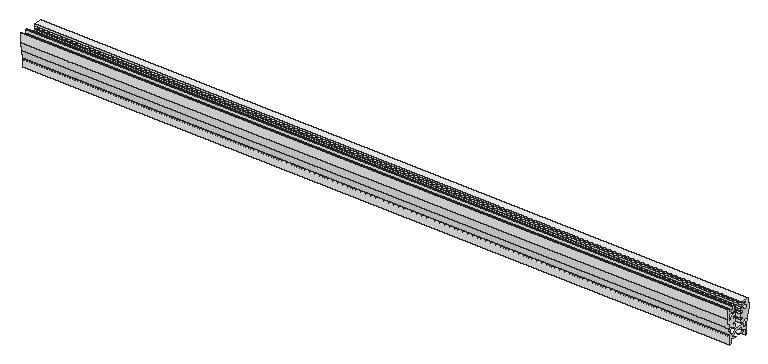
Revit family "2025500 Feilo Sylvania Lighting Fixtures LS3 (NEW) 1M TRACK BLACK C", category Lighting Fixtures, host Face, Revit 2017
Family settings
  Host = Face
  Round Connector Dimension = Use Diameter
  Part Type = Normal
  OmniClass Number = 23.80.70.00
  OmniClass Title = Lighting
  Cut with Voids When Loaded = No
  Light Source = No
  Shared = No
  Room Calculation Point = No
Parameters (values of type "2025500 LS3 (NEW) 1M TRACK BLACK    *C")
  _DistributedBy = "//www.feilosylvania.com/en-int/"
  _CurrentRevision = 1
  _CreatedBy = "http://www.feilosylvania.com/en-int/"
  _BimstoreBibleVersion = "15"
  _BimSpecGuid = 0
  _Author = "Viktoria Kollar"
  Weight = "0.91 kg"
  WarrantyStartDate [instance] = ""
  WarrantyGuarantorParts = "n/a"
  WarrantyDurationUnit = "n/a"
  WarrantyDurationParts = "n/a"
  WarrantyDescription = "n/a"
  URL = "http://www.sylvania-lighting.com"
  TypeName = "LS3 (NEW) 1M TRACK BLACK    *C"
  Type Image = 2020760.jpg
  Type Comments = "n/a"
  TransformerRequired = yes
  SerialNumber [instance] = ""
  NominalLength = 1000 mm
  NominalHeight = 45 mm
  NominalDepth = 37 mm
  Name = "LS3 (NEW) 1M TRACK BLACK    *C"
  NBSReference = "n/a"
  NBSOfficeMasterTag = "n/a"
  NBSObjectName = "n/a"
  NBSNote = "n/a"
  NBSDescription = "n/a"
  ModelReference = "LS3 (NEW) 1M TRACK BLACK    *C"
  ModelNumber = "2025500"
  Model = "LS3 (NEW) 1M TRACK BLACK    *C"
  ManufacturerName = "Feilo Sylvania"
  Manufacturer = "Feilo Sylvania"
  LuminaireType = ""
  Lamp = "LED"
  Keynote = "16500"
  InstallationDate [instance] = ""
  InputVoltage = "240V~"
  IfcExportType = "IfcLightFixtureType"
  IfcExportAs = "IfcLightFixtureType"
  Housing material = White aluminium
  ElectricShockClassification = "Class I"
  DocumentationLiterature = "http://www.sylvania-lighting.com/product/en-int/products/2025500"
  Description = "3 Circuit Track, compact venturi trunk profile, extruded aluminium body, suitable for surface mounting and suspending, (LxWxH) 1000x37x45mm, 0.91kg, Black RAL 9005, Class 1, maximum installed load: 3x3680W (11040W), fuse: 3x16A, supply cable: 5 x 1.5mm², 400 VAC supply"
  Default Elevation = 0 mm
  CreatedOn = "14/11/2017"
  CreatedBy = ""
  Cost = 0
  Color = "Aluminium white"
  ClassificationValue = "EF_70_80"
  ClassificationName = "Uniclass2015"
  BarCode [instance] = ""
  BIMObjectName = "n/a"
  AssetType = "Fixed"
  AssetIdentifier [instance] = ""
  Assembly Code = "D5020200"
  Apparent Load = 0 VA
Reference planes
  plane 1 "Center (Front/Back)": y = 0
  plane 2: z = 0
  plane 3 "Center (Left/Right)": x = 0
  plane 4: x = -500
  plane 5: x = 500
  plane 6: z = 36.5
  plane 7: z = 18.5
  plane 8: z = 27.5
  plane 9: z = 30
  plane 10: z = 33
  plane 11: z = 45
  plane 12: z = 25
  plane 13: z = 22
  plane 14: y = 5.75
  plane 15: y = -5.75
  plane 16: y = 9.25
  plane 17: y = -9.25
  plane 18: y = 13.25
  plane 19: y = -13.25
  plane 20: y = -14.75
  plane 21: y = 14.75
  plane 22: y = 18.5
  plane 23: y = -18.5
  plane 24: z = 31
  plane 25: y = 16.55
  plane 26: y = -16.55
  plane 27: z = 38.7
  plane 28: y = 7
  plane 29: y = -7
  plane 30: z = 40.9
  plane 31: z = 43.1
Forms (mm)
  Extrusion 1, solid, material "White aluminium" <- "Housing material"
    sketch origin (0, 0, 45) x (0, 1, 0) y (0, 0, 1)
      loop
        line (14.75, -45) -> (14.75, -34.582) -> (16.616, -24) -> (18.5, -12) -> (18.5, 0) -> (7, 0) -> (7, -1.9) -> (13.25, -1.9) -> (13.25, -4.1) -> (7, -4.1) -> (7, -6.3) -> (16.55, -6.3) -> (16.55, -14) -> (13.25, -14) -> (13.25, -12) -> (9.25, -8.5) -> (5.75, -8.5) -> (5.75, -12) -> (9.25, -12) -> (9.25, -15) -> (5.75, -15) -> (5.75, -20) -> (9.25, -20) -> (9.25, -23) -> (5.75, -23) -> (5.75, -26.5) -> (9.25, -26.5) -> (13.25, -23) -> (15.119, -23) -> (15.119, -24) -> (13.383, -33.848) -> (9.529, -33.848) -> (9.529, -30) -> (-4.255, -30) -> (-9.75, -33.848) -> (-13, -33.848) -> (-15.119, -23.803) -> (-15.119, -23) -> (-13.25, -23) -> (-9.25, -26.5) -> (-5.75, -26.5) -> (-5.75, -23) -> (-9.25, -23) -> (-9.25, -20) -> (-5.75, -20) -> (-5.75, -15) -> (-9.25, -15) -> (-9.25, -12) -> (-5.75, -12) -> (-5.75, -8.5) -> (-9.25, -8.5) -> (-13.25, -12) -> (-13.25, -14) -> (-16.55, -14) -> (-16.55, -6.3) -> (-7, -6.3) -> (-7, 0) -> (-9.25, 0) -> (-9.25, -4.1) -> (-16.55, -4.1) -> (-16.55, 0) -> (-18.5, 0) -> (-18.5, -12) -> (-16.616, -24) -> (-14.75, -33.164) -> (-14.75, -45) -> (-13.25, -45) -> (-13.25, -35.764)
        arc (-13.25, -35.764) -> (-9.111, -38.754) -> (-4.329, -40.542) r 19.123
        line (-4.329, -40.542) -> (-4.329, -39.56)
        arc (-4.329, -39.56) -> (-7.777, -38.158) -> (-10.813, -36.003) r 16.148
        line (-10.813, -36.003) -> (-7.392, -36.003) -> (-3.107, -33) -> (7.392, -33) -> (7.392, -36.003) -> (10.813, -36.003)
        arc (10.813, -36.003) -> (7.777, -38.158) -> (4.329, -39.56) r 16.148
        line (4.329, -39.56) -> (4.329, -40.542)
        arc (4.329, -40.542) -> (9.111, -38.754) -> (13.25, -35.764) r 19.123
        line (13.25, -35.764) -> (13.25, -45) -> (14.75, -45)
    from -500 to 500
Dimensions and locks
  "NominalLength": plane 5 to plane 4
  equal spacing: plane 5, plane 3 "Center (Left/Right)", plane 4
  "NominalHeight": plane 11 to host face
  locked: plane 11 to plane 8 at 17.5
  locked: plane 6 to plane 7 at 18
  equal spacing: plane 6, plane 8, plane 7
  locked: plane 13 to plane 7 at 3.5
  locked: plane 6 to plane 10 at 3.5
  equal spacing: plane 9, plane 8, plane 12
  locked: plane 9 to plane 12 at 5
  equal spacing: plane 14, plane 1 "Center (Front/Back)", plane 15
  locked: plane 14 to plane 15 at 11.5
  equal spacing: plane 16, plane 1 "Center (Front/Back)", plane 17
  locked: plane 16 to plane 17 at 18.5
  equal spacing: plane 18, plane 1 "Center (Front/Back)", plane 19
  locked: plane 18 to plane 19 at 26.5
  "NominalDepth": plane 22 to plane 23
  aligned and locked: plane 2 to host face
  aligned and locked: level to host face
  aligned and locked: plane 6 to Extrusion 1  (x3)
  aligned and locked: plane 14 to Extrusion 1  (x3)
  aligned and locked: Extrusion 1 to plane 15  (x3)
  aligned and locked: Extrusion 1 to plane 10  (x2)
  aligned and locked: plane 9 to Extrusion 1  (x2)
  aligned and locked: Extrusion 1 to plane 12  (x2)
  aligned and locked: plane 13 to Extrusion 1  (x2)
  aligned and locked: Extrusion 1 to plane 7  (x2)
  aligned and locked: plane 18 to Extrusion 1
  aligned and locked: Extrusion 1 to plane 19
  aligned and locked: Extrusion 1 to plane 20
  aligned and locked: plane 21 to Extrusion 1
  aligned and locked: plane 25 to Extrusion 1
  aligned and locked: Extrusion 1 to plane 26
  aligned and locked: Extrusion 1 sketch curve to plane 27  (x2)
  aligned and locked: plane 26 to Extrusion 1 sketch curve
  aligned and locked: Extrusion 1 sketch curve to plane 26
  aligned and locked: Extrusion 1 sketch curve to plane 23
  aligned and locked: plane 11 to Extrusion 1 sketch curve  (x3)
  aligned and locked: plane 30 to Extrusion 1 sketch curve  (x2)
  aligned and locked: plane 17 to Extrusion 1 sketch curve
  aligned and locked: Extrusion 1 sketch curve to plane 29
  aligned and locked: plane 28 to Extrusion 1 sketch curve  (x2)
  aligned and locked: plane 18 to Extrusion 1 sketch curve
  aligned and locked: Extrusion 1 sketch curve to plane 31
  aligned and locked: Extrusion 1 sketch curve to plane 22
  aligned and locked: Extrusion 1 to plane 4
  aligned and locked: plane 5 to Extrusion 1
Automatic sketch dimensions
  host sketch curve to host sketch curve = 2438.4 mm  (x2)
  Extrusion 1 sketch curve to plane 24 = 0 mm  (x2)
  Extrusion 1 sketch curve to plane 13 = 0 mm  (x4)
  Extrusion 1 sketch curve to plane 20 = 0 mm
  Extrusion 1 sketch curve to plane 19 = 0 mm  (x3)
  Extrusion 1 sketch curve to plane 10 = 0 mm  (x6)
  Extrusion 1 sketch curve to level = 0 mm  (x2)
  Extrusion 1 sketch curve to plane 17 = 0 mm  (x4)
  Extrusion 1 sketch curve to plane 6 = 0 mm  (x2)
  Extrusion 1 sketch curve to plane 7 = 0 mm  (x2)
  Extrusion 1 sketch curve to plane 9 = 0 mm  (x2)
  Extrusion 1 sketch curve to plane 15 = 0 mm  (x3)
  Extrusion 1 sketch curve to plane 12 = 0 mm  (x2)
  Extrusion 1 sketch curve to plane 14 = 0 mm  (x3)
  Extrusion 1 sketch curve to plane 16 = 0 mm  (x4)
  Extrusion 1 sketch curve to plane 18 = 0 mm  (x3)
  Extrusion 1 sketch curve to plane 21 = 0 mm
  Extrusion 1 sketch curve to plane 25 = 0 mm
  Extrusion 1 sketch curve to plane 26 = 0.066 mm
  plane 20 to Extrusion 1 sketch curve = 0.369 mm
  plane 19 to Extrusion 1 sketch curve = 0.25 mm
  Extrusion 1 sketch curve to plane 17 = 1.563 mm
  Extrusion 1 sketch curve to plane 17 = 0.5 mm
  Extrusion 1 sketch curve to plane 29 = 0.392 mm
  plane 15 to Extrusion 1 sketch curve = 1.421 mm
  plane 15 to Extrusion 1 sketch curve = 1.495 mm
  plane 15 to Extrusion 1 sketch curve = 2.643 mm
  Extrusion 1 sketch curve to plane 1 "Center (Front/Back)" = 0.082 mm
  Extrusion 1 sketch curve to plane 1 "Center (Front/Back)" = 0.01 mm
  plane 1 "Center (Front/Back)" to Extrusion 1 sketch curve = 0.01 mm
  plane 1 "Center (Front/Back)" to Extrusion 1 sketch curve = 0.082 mm
  Extrusion 1 sketch curve to plane 14 = 1.421 mm
  plane 28 to Extrusion 1 sketch curve = 0.392 mm
  plane 16 to Extrusion 1 sketch curve = 0.279 mm
  plane 16 to Extrusion 1 sketch curve = 1.563 mm
  plane 18 to Extrusion 1 sketch curve = 0.133 mm
  Extrusion 1 sketch curve to plane 21 = 0.369 mm
  plane 25 to Extrusion 1 sketch curve = 0.066 mm
  Extrusion 1 sketch curve to plane 13 = 1.104 mm
  Extrusion 1 sketch curve to Extrusion 1 sketch curve = 0 mm  (x2)
  plane 13 to Extrusion 1 sketch curve = 0.803 mm
  plane 13 to Extrusion 1 sketch curve = 1 mm  (x4)
  plane 7 to Extrusion 1 sketch curve = 3.5 mm
  Extrusion 1 sketch curve to Extrusion 1 sketch curve = 3 mm
  plane 7 to Extrusion 1 sketch curve = 6.664 mm
  Extrusion 1 sketch curve to Extrusion 1 sketch curve = 0.684 mm
  Extrusion 1 sketch curve to Extrusion 1 sketch curve = 3.848 mm
  Extrusion 1 sketch curve to Extrusion 1 sketch curve = 0.734 mm
  Extrusion 1 sketch curve to Extrusion 1 sketch curve = 1.181 mm
  Extrusion 1 sketch curve to Extrusion 1 sketch curve = 1.916 mm
  Extrusion 1 sketch curve to Extrusion 1 sketch curve = 2.155 mm
  Extrusion 1 sketch curve to Extrusion 1 sketch curve = 0.24 mm
Connectors
  electrical at (0, 0, 0)
    settings: on host face, index 1, voltage 0 V, apparent load 0 VA, apparent load phase1 0 VA, apparent load phase2 0 VA, apparent load phase3 0 VA, power factor 1, load classification "Other", number of poles 1, system type 31, power factor state 1, is connector primary yes, connector utility no, sub classification motor no, connector description ""
